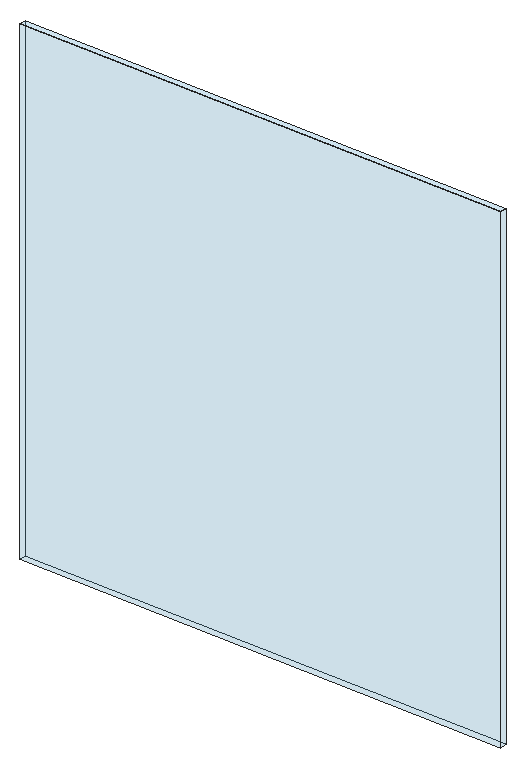
Revit family
Parameters (values of type "72" x 72"")
  Sealant = 0' - 0 3/8"
  Pocket Depth [instance] = 0' - 0 1/2"
  Head Height = Sill Height + Rough Height - Sealant  # 8' - 11 5/8"
  Depth [instance] = 0' - 6"
  Sill Height = 3' - 0"
  Rough Width = 6' - 0"
  Rough Height = 6' - 0"
  Model = "OPG25600"
  Material = ""
  Manufacturer = "Arcadia"
  Sightline = 0' - 2 7/8"
  Height = Rough Height - Sealant - Sealant  # 5' - 11 1/4"
  Wall Closure = (empty or 0)
  Width = Rough Width - Sealant - Sealant  # 5' - 11 1/4"
  Glass Thickness [instance] = 0' - 1"
  Offset to Inside Face of Glass [instance] = 0' - 4 5/16"
  Construction Type = "Aluminum"
  Center of Rough Opening [instance] = Rough Width / 2  # 3' - 0"
  Center of Glass [instance] = Glass Thickness / 2  # 0' - 0 1/2"
  Center Wall to Outside Face [instance] = 0' - 2 7/8"
  Assembly Code = ""
Reference planes (in)
  plane 1 "Center (Front/Back)": y = 0
  plane 2: z = 0
  plane 3 "Center (Left/Right)": x = 12
  plane 4 "Rough Opening Bottom": z = 36
  plane 5 "Rough Opening Top": z = 108
  plane 6 "Exterior Face": y = 2.25
  plane 7 "Frame Top": z = 105.125
  plane 8 "Frame Bottom": z = 38.875
  plane 9 "Rough Opening Left": x = -24
  plane 10 "Rough Opening Right": x = 48
  plane 11 "Frame Left": x = -21.125
  plane 12 "Frame Right": x = 45.125
  plane 13 "Exterior Glass Edge": y = 0.73644
  plane 14 "Interior Glass Edge": y = -0.26356
  plane 15 "Glass Centerline": y = 0.23644
  plane 16 "Frame Outside": y = 1.42394
  plane 17 "Frame Inside": y = -4.57606
  plane 18: z = 105.625
  plane 19: z = 38.375
  plane 20: x = 45.625
  plane 21: x = -21.625
  plane 22: x = 47.625
  plane 23: x = -23.625
  plane 24: z = 36.375
  plane 25: z = 107.625
Forms (in)
  Extrusion 1, solid, material "Anodize Arcadia AC2 Clear #11", detail levels coarse
    sketch origin (0, 0, 36) x (0, -1, 0) y (1, 0, 0)
      loop
        line (-1.42394, -24) -> (4.57606, -24) -> (4.57606, -21.125) -> (0.26356, -21.125) -> (0.26356, -21.625) -> (-0.73644, -21.625) -> (-0.73644, -21.125) -> (-1.42394, -21.125) -> (-1.42394, -24)
    from 0 to 72 <- "Rough Height"
  Extrusion 2, solid, material "Anodize Arcadia AC2 Clear #11", detail levels coarse
    sketch origin (0, 0, 36) x (0, -1, 0) y (1, 0, 0)
      loop
        line (-1.42394, 45.125) -> (-0.73644, 45.125) -> (-0.73644, 45.625) -> (0.26356, 45.625) -> (0.26356, 45.125) -> (4.57606, 45.125) -> (4.57606, 48) -> (-1.42394, 48) -> (-1.42394, 45.125)
    from 0 to 72 <- "Rough Height"
  Extrusion 3, solid, material "Glass"
    sketch origin (-0.5, 0, 36) x (0, -1, 0) y (1, 0, 0)
      loop
        line (-0.73644, -21.125) -> (0.26356, -21.125) -> (0.26356, 46.125) -> (-0.73644, 46.125) -> (-0.73644, -21.125)
    from 2.375 to 69.625
  Extrusion 4, solid, material "Anodize Arcadia AC2 Clear #11", detail levels coarse
    sketch origin (-24, 0, 0) x (0, 1, 0) y (0, 0, 1)
      loop
        line (-4.57606, 108) -> (-4.57606, 105.125) -> (-0.26356, 105.125) -> (-0.26356, 105.625) -> (0.73644, 105.625) -> (0.73644, 105.125) -> (1.42394, 105.125) -> (1.42394, 108) -> (-4.57606, 108)
    from 0 to 72 <- "Rough Width"
  Extrusion 5, solid, material "Anodize Arcadia AC2 Clear #11", detail levels coarse
    sketch origin (-24, 0, 0) x (0, 1, 0) y (0, 0, 1)
      loop
        line (1.42394, 38.875) -> (0.73644, 38.875) -> (0.73644, 38.375) -> (-0.26356, 38.375) -> (-0.26356, 38.875) -> (-4.57606, 38.875) -> (-4.57606, 36) -> (1.42394, 36) -> (1.42394, 38.875)
    from 0 to 72 <- "Rough Width"
  Extrusion 6, void
    sketch origin (0, 0, 36) x (0, -1, 0) y (1, 0, 0)
      loop
        line (-2.25, -24) -> (5.75, -24) -> (5.75, 48) -> (-2.25, 48) -> (-2.25, -24)
    from 0 to 72 <- "Rough Height"
Lines and regions (in)
  symbolic lines, detail levels coarse
    curve 1: line (-24, 1.42394, 0) -> (-21.125, 1.42394, 0)
    curve 2: line (-21.125, 1.42394, 0) -> (-21.125, 0.73644, 0)
    curve 3: line (45.625, 0.73644, 0) -> (-21.625, 0.73644, 0)
    curve 4: line (-21.625, 0.73644, 0) -> (-21.625, -0.26356, 0)
    curve 5: line (-21.625, -0.26356, 0) -> (45.625, -0.26356, 0)
    curve 6: line (-21.125, -0.26356, 0) -> (-21.125, -4.57606, 0)
    curve 7: line (-21.125, -4.57606, 0) -> (-24, -4.57606, 0)
    curve 8: line (-24, -4.57606, 0) -> (-24, 1.42394, 0)
    curve 9: line (48, 1.42394, 0) -> (45.125, 1.42394, 0)
    curve 10: line (45.125, 1.42394, 0) -> (45.125, 0.73644, 0)
    curve 11: line (45.625, 0.73644, 0) -> (45.625, -0.26356, 0)
    curve 12: line (45.125, -0.26356, 0) -> (45.125, -4.57606, 0)
    curve 13: line (45.125, -4.57606, 0) -> (48, -4.57606, 0)
    curve 14: line (48, -4.57606, 0) -> (48, 1.42394, 0)
Text (in)
  text "EXTERIOR" at (-58.6888, 50.90694, 0), in view "Ref. Level"
  text "INTERIOR" at (-58.6888, -37.76638, 0), in view "Ref. Level"
  text "Exterior" at (0, 43.65631, 123.19604), in view "Left"
  text "Exterior" at (0, 18.29385, 125.04747), in view "Right"
Dimensions and locks (in)
  "Rough Height": plane 4 "Rough Opening Bottom" to plane 5 "Rough Opening Top"
  "Sill Height": plane 2 to plane 4 "Rough Opening Bottom"
  "Sightline": plane 7 "Frame Top" to plane 5 "Rough Opening Top"
  "Sightline": plane 4 "Rough Opening Bottom" to plane 8 "Frame Bottom"
  "Rough Width": plane 9 "Rough Opening Left" to plane 10 "Rough Opening Right"
  "Sightline": plane 9 "Rough Opening Left" to plane 11 "Frame Left"
  "Sightline": plane 12 "Frame Right" to plane 10 "Rough Opening Right"
  "Depth": plane 17 "Frame Inside" to plane 16 "Frame Outside"
  "Glass Thickness": plane 13 "Exterior Glass Edge" to plane 14 "Interior Glass Edge"
  "Center of Glass": plane 15 "Glass Centerline" to plane 14 "Interior Glass Edge"
  "Center of Rough Opening": plane 9 "Rough Opening Left" to plane 3 "Center (Left/Right)"
  "Offset to Inside Face of Glass": plane 17 "Frame Inside" to plane 14 "Interior Glass Edge"
  "Pocket Depth": plane 12 "Frame Right" to plane 20
  "Pocket Depth": plane 21 to plane 11 "Frame Left"
  "Pocket Depth": plane 7 "Frame Top" to plane 18
  "Pocket Depth": plane 19 to plane 8 "Frame Bottom"
  "Sealant": plane 22 to plane 10 "Rough Opening Right"
  "Sealant": plane 9 "Rough Opening Left" to plane 23
  "Sealant": plane 4 "Rough Opening Bottom" to plane 24
  "Sealant": plane 25 to plane 5 "Rough Opening Top"
  aligned and locked: plane 6 "Exterior Face" to host wall
  aligned and locked: Extrusion 1 sketch curve to plane 17 "Frame Inside"
  aligned and locked: plane 16 "Frame Outside" to Extrusion 1 sketch curve
  aligned and locked: Extrusion 1 sketch curve to plane 11 "Frame Left"
  aligned and locked: plane 9 "Rough Opening Left" to Extrusion 1 sketch curve
  aligned and locked: plane 12 "Frame Right" to Extrusion 2 sketch curve
  aligned and locked: Extrusion 2 sketch curve to plane 10 "Rough Opening Right"
  aligned and locked: Extrusion 2 sketch curve to plane 17 "Frame Inside"
  aligned and locked: plane 16 "Frame Outside" to Extrusion 2 sketch curve
  aligned and locked: Extrusion 3 sketch curve to plane 13 "Exterior Glass Edge"
  aligned and locked: plane 14 "Interior Glass Edge" to Extrusion 3 sketch curve
  aligned and locked: plane 5 "Rough Opening Top" to Extrusion 4 sketch curve
  aligned and locked: Extrusion 4 sketch curve to plane 7 "Frame Top"
  aligned and locked: Extrusion 4 sketch curve to plane 17 "Frame Inside"
  aligned and locked: plane 16 "Frame Outside" to Extrusion 4 sketch curve
  aligned and locked: Extrusion 5 sketch curve to plane 4 "Rough Opening Bottom"
  aligned and locked: plane 8 "Frame Bottom" to Extrusion 5 sketch curve
  aligned and locked: Extrusion 5 sketch curve to plane 17 "Frame Inside"
  aligned and locked: plane 16 "Frame Outside" to Extrusion 5 sketch curve
  aligned and locked: plane 4 "Rough Opening Bottom" to nested 3
  aligned and locked: nested 2 to plane 5 "Rough Opening Top"
  aligned and locked: plane 19 to Extrusion 3
  aligned and locked: Extrusion 3 to plane 18
  aligned and locked: plane 17 "Frame Inside" to nested 3
  aligned and locked: nested 1 to plane 16 "Frame Outside"
  aligned and locked: plane 10 "Rough Opening Right" to nested 1
  aligned and locked: nested 4 to plane 9 "Rough Opening Left"
  aligned and locked: plane 17 "Frame Inside" to nested 4
  aligned and locked: plane 13 "Exterior Glass Edge" to Extrusion 5 sketch curve
  aligned and locked: Extrusion 5 sketch curve to plane 14 "Interior Glass Edge"
  aligned and locked: plane 19 to Extrusion 5 sketch curve
  aligned and locked: Extrusion 4 sketch curve to plane 13 "Exterior Glass Edge"
  aligned and locked: plane 18 to Extrusion 4 sketch curve
  aligned and locked: plane 14 "Interior Glass Edge" to Extrusion 4 sketch curve
  aligned and locked: plane 14 "Interior Glass Edge" to Extrusion 2 sketch curve
  aligned and locked: Extrusion 2 sketch curve to plane 20
  aligned and locked: Extrusion 2 sketch curve to plane 13 "Exterior Glass Edge"
  aligned and locked: Extrusion 1 sketch curve to plane 14 "Interior Glass Edge"
  aligned and locked: Extrusion 1 sketch curve to plane 21
  aligned and locked: plane 13 "Exterior Glass Edge" to Extrusion 1 sketch curve
  aligned and locked: plane 16 "Frame Outside" to curve 1
  aligned and locked: plane 9 "Rough Opening Left" to curve 8
  aligned and locked: curve 2 to plane 11 "Frame Left"
  aligned and locked: curve 6 to plane 11 "Frame Left"
  aligned and locked: curve 4 to plane 21
  aligned and locked: curve 7 to plane 17 "Frame Inside"
  aligned and locked: curve 5 to plane 14 "Interior Glass Edge"
  aligned and locked: plane 13 "Exterior Glass Edge" to curve 3
  aligned and locked: curve 10 to plane 12 "Frame Right"
  aligned and locked: curve 12 to plane 12 "Frame Right"
  aligned and locked: curve 11 to plane 20
  aligned and locked: plane 10 "Rough Opening Right" to curve 14
  aligned and locked: curve 9 to plane 16 "Frame Outside"
  aligned and locked: plane 17 "Frame Inside" to curve 13
  aligned and locked: nested 2 to plane 16 "Frame Outside"
  aligned and locked: plane 9 "Rough Opening Left" to import instance
  aligned and locked: import instance to plane 16 "Frame Outside"  (x2)
  aligned and locked: plane 16 "Frame Outside" to import instance  (x2)
  aligned and locked: import instance to plane 10 "Rough Opening Right"
  aligned and locked: plane 5 "Rough Opening Top" to import instance
  aligned and locked: import instance to plane 4 "Rough Opening Bottom"
  aligned and locked: level to plane 2
  aligned and locked: plane 9 "Rough Opening Left" to Extrusion 6 sketch curve
  aligned and locked: plane 6 "Exterior Face" to Extrusion 6 sketch curve
  aligned and locked: host wall to Extrusion 6 sketch curve
  aligned and locked: plane 10 "Rough Opening Right" to Extrusion 6 sketch curve
Automatic sketch dimensions
  Extrusion 3 sketch curve to plane 21 = 0' - 0"
  Extrusion 3 sketch curve to plane 20 = 0' - 0"
  Extrusion 5 sketch curve to plane 8 "Frame Bottom" = 0' - 0"
  Extrusion 4 sketch curve to plane 7 "Frame Top" = 0' - 0"
  Extrusion 2 sketch curve to plane 12 "Frame Right" = 0' - 0"
  Extrusion 1 sketch curve to plane 11 "Frame Left" = 0' - 0"
Nested families (in)
  nested 1: "Window-Arcadia-OPG25600-Med-Jamb-R" at (46.9375, 0.23644, 0) x (-1, 0, 0) z (0, 0, 1), type "Window-Arcadia-OPG25600-Med-Jamb-R", detail levels medium
    with Sightline 0' - 2 7/8", Pocket Depth 0' - 0 1/2", Offset to Inside Face of Glass 0' - 4 5/16", Glass Width 0' - 1", Frame Wall Thickness 0' - 0 3/32", Depth 0' - 6", Center of Glass 0' - 0 1/2"
  nested 2: "Window-Arcadia-OPG25600-Med-Head" at (33.875, 0.23644, 108) x (0, -1, 0) z (1, 0, 0), type "Window-Arcadia-OPG25600-Med-Head", detail levels medium
    with Sightline 0' - 2 7/8", Pocket Depth 0' - 0 1/2", Offset to Inside Face of Glass 0' - 4 5/16", Glass Width 0' - 1", Frame Wall Thickness 0' - 0 3/32", Depth 0' - 6", Center of Glass 0' - 0 1/2"
  nested 3: "Window-Arcadia-OPG25600-Med-Sill" at (33.875, 0.23644, 36) x (0, -1, 0) z (1, 0, 0), type "Window-Arcadia-OPG25600-Med-Sill", detail levels medium
    with Sightline 0' - 2 7/8", Pocket Depth 0' - 0 1/2", Offset to Inside Face of Glass 0' - 4 5/16", Glass Width 0' - 1", Frame Wall Thickness 0' - 0 3/32", Depth 0' - 6", Center of Glass 0' - 0 1/2"
  nested 4: "Window-Arcadia-OPG25600-Med-Jamb-L" at (-22.9375, 0.23644, 0) x (-1, 0, 0) z (0, 0, 1), type "Window-Arcadia-OPG25600-Med-Jamb-L", detail levels medium
    with Sightline 0' - 2 7/8", Pocket Depth 0' - 0 1/2", Offset to Inside Face of Glass 0' - 4 5/16", Glass Width 0' - 1", Frame Wall Thickness 0' - 0 3/32", Depth 0' - 6", Center of Glass 0' - 0 1/2"
Definition of nested family "Window-Arcadia-OPG25600-Med-Jamb-R"
  Parameters (values of type "Window-Arcadia-TC670-Med-Jamb-R")
    Depth [instance] = 0' - 6"
    Pocket Depth [instance] = 0' - 0 3/4"
    Offset to Inside Face of Glass [instance] = 0' - 4"
    Glass Width [instance] = 0' - 1"
    Sightline [instance] = 0' - 2 5/8"
    Center of Glass [instance] = Glass Width / 2  # 0' - 0 1/2"
    Frame Wall Thickness [instance] = 0' - 0 3/32"
    Assembly Code = ""
  Reference planes (in)
    plane 1 "Center (Front/Back)": y = 0
    plane 2: z = 0
    plane 3: x = 1.5625
    plane 4 "back": x = -1.0625
    plane 5: y = 4.5
    plane 6: y = -1.5
    plane 7 "Inside Face of Glass": y = 0.5
    plane 8: y = -0.5
    plane 9: x = 0.8125
  Lines and regions (in)
    detail lines, in view "Ref. Level", detail levels medium
      curve 1: line (-1.0625, 4.5, 0) -> (-1.0625, -1.5, 0)
      curve 2: line (-1.0625, -1.5, 0) -> (1.5625, -1.5, 0)
      curve 3: line (1.5625, -1.5, 0) -> (1.5625, -0.5, 0)
      curve 4: line (1.5625, -0.5, 0) -> (0.8125, -0.5, 0)
      curve 5: line (0.8125, -0.5, 0) -> (0.8125, 0.5, 0)
      curve 6: line (0.8125, 0.5, 0) -> (1.5625, 0.5, 0)
      curve 7: line (1.5625, 0.5, 0) -> (1.5625, 4.5, 0)
      curve 8: line (1.5625, 4.5, 0) -> (-1.0625, 4.5, 0)
      curve 9: line (1.46875, 4.40625, 0) -> (-0.96875, 4.40625, 0)
      curve 10: line (-0.96875, 4.40625, 0) -> (-0.96875, -1.40625, 0)
      curve 11: line (-0.96875, -1.40625, 0) -> (1.46875, -1.40625, 0)
      curve 12: line (1.46875, -1.40625, 0) -> (1.46875, -0.59375, 0)
      curve 13: line (1.46875, -0.59375, 0) -> (0.71875, -0.59375, 0)
      curve 14: line (0.71875, -0.59375, 0) -> (0.71875, 0.59375, 0)
      curve 15: line (0.71875, 0.59375, 0) -> (1.46875, 0.59375, 0)
      curve 16: line (1.46875, 0.59375, 0) -> (1.46875, 4.40625, 0)
      curve 17: line (1.5625, 4.5, 0) -> (-1.0625, 4.5, 0)
      curve 18: line (-1.0625, 4.40625, 0) -> (-1.0625, -1.5, 0)
  Dimensions and locks (in)
    "Sightline": plane 4 "back" to plane 3
    "Depth": plane 5 to plane 6
    "Center of Glass": plane 1 "Center (Front/Back)" to plane 7 "Inside Face of Glass"
    "Glass Width": plane 8 to plane 7 "Inside Face of Glass"
    "Pocket Depth": plane 9 to plane 3
    "Offset to Inside Face of Glass": plane 5 to plane 7 "Inside Face of Glass"
    "Frame Wall Thickness": plane 5 to curve 9
    "Frame Wall Thickness": plane 4 "back" to curve 10
    "Frame Wall Thickness": curve 11 to plane 6
    "Frame Wall Thickness": curve 12 to plane 3
    "Frame Wall Thickness": curve 13 to plane 8
    "Frame Wall Thickness": plane 7 "Inside Face of Glass" to curve 15
    "Frame Wall Thickness": curve 14 to plane 9
    "Frame Wall Thickness": curve 16 to plane 3
    aligned and locked: plane 5 to curve 8
    aligned and locked: curve 1 to plane 4 "back"
    aligned and locked: curve 2 to plane 6
    aligned and locked: plane 3 to curve 3
    aligned and locked: curve 4 to plane 8
    aligned and locked: plane 9 to curve 5
    aligned and locked: plane 7 "Inside Face of Glass" to curve 6
    aligned and locked: plane 3 to curve 7
  Automatic sketch dimensions
    curve 18 to curve 9 = 0' - 0"
Definition of nested family "Window-Arcadia-OPG25600-Med-Head"
  Parameters (values of type "Window-Arcadia-A400-Med-Head")
    Depth [instance] = 0' - 6"
    Pocket Depth [instance] = 0' - 0 1/2"
    Offset to Inside Face of Glass [instance] = 0' - 4"
    Glass Width [instance] = 0' - 1"
    Sightline [instance] = 0' - 2 5/8"
    Center of Glass [instance] = Glass Width / 2  # 0' - 0 1/2"
    Frame Wall Thickness [instance] = 0' - 0 3/32"
    Assembly Code = ""
  Reference planes (in)
    plane 1 "Center (Front/Back)": y = 0
    plane 2: z = 0
    plane 3 "Center (Left/Right)": x = 0
    plane 4: x = -0.5
    plane 5 "Inside Face of Glass": x = 0.5
    plane 6: y = -2.625
    plane 7: x = 4.5
    plane 8: x = -1.5
    plane 9: y = -2.125
  Lines and regions (in)
    detail lines, in view "Ref. Level", detail levels medium
      curve 1: line (-1.5, 0, 0) -> (-1.5, -2.625, 0)
      curve 2: line (-1.5, -2.625, 0) -> (-0.5, -2.625, 0)
      curve 3: line (-0.5, -2.625, 0) -> (-0.5, -2.125, 0)
      curve 4: line (-0.5, -2.125, 0) -> (0.5, -2.125, 0)
      curve 5: line (0.5, -2.125, 0) -> (0.5, -2.625, 0)
      curve 6: line (0.5, -2.625, 0) -> (4.5, -2.625, 0)
      curve 7: line (4.5, -2.625, 0) -> (4.5, 0, 0)
      curve 8: line (4.5, 0, 0) -> (-1.5, 0, 0)
      curve 9: line (-1.40625, -0.09375, 0) -> (-1.40625, -2.53125, 0)
      curve 10: line (4.40625, -0.09375, 0) -> (-1.40625, -0.09375, 0)
      curve 11: line (4.40625, -2.53125, 0) -> (4.40625, -0.09375, 0)
      curve 12: line (0.59375, -2.53125, 0) -> (4.40625, -2.53125, 0)
      curve 13: line (-1.40625, -2.53125, 0) -> (-0.59375, -2.53125, 0)
      curve 14: line (-0.59375, -2.53125, 0) -> (-0.59375, -2.03125, 0)
      curve 15: line (-0.59375, -2.03125, 0) -> (0.59375, -2.03125, 0)
      curve 16: line (0.59375, -2.03125, 0) -> (0.59375, -2.53125, 0)
  Dimensions and locks (in)
    "Sightline": plane 6 to plane 1 "Center (Front/Back)"
    "Depth": plane 8 to plane 7
    "Pocket Depth": plane 6 to plane 9
    "Offset to Inside Face of Glass": plane 5 "Inside Face of Glass" to plane 7
    "Glass Width": plane 4 to plane 5 "Inside Face of Glass"
    "Center of Glass": plane 3 "Center (Left/Right)" to plane 5 "Inside Face of Glass"
    "Frame Wall Thickness": plane 8 to curve 9
    "Frame Wall Thickness": curve 10 to plane 1 "Center (Front/Back)"
    "Frame Wall Thickness": curve 11 to plane 7
    "Frame Wall Thickness": plane 6 to curve 12
    "Frame Wall Thickness": plane 6 to curve 13
    "Frame Wall Thickness": plane 9 to curve 15
    "Frame Wall Thickness": plane 5 "Inside Face of Glass" to curve 16
    "Frame Wall Thickness": curve 14 to plane 4
    aligned and locked: curve 8 to plane 1 "Center (Front/Back)"
    aligned and locked: plane 7 to curve 7
    aligned and locked: curve 1 to plane 8
    aligned and locked: plane 9 to curve 4
    aligned and locked: plane 4 to curve 3
    aligned and locked: plane 6 to curve 2
    aligned and locked: plane 6 to curve 6
  Automatic sketch dimensions
    curve 5 to plane 5 "Inside Face of Glass" = 0' - 0"
Definition of nested family "Window-Arcadia-OPG25600-Med-Sill"
  Parameters (values of type "Window-Arcadia-A400-Med-Sill")
    Depth [instance] = 0' - 6"
    Pocket Depth [instance] = 0' - 0 1/2"
    Offset to Inside Face of Glass [instance] = 0' - 4"
    Glass Width [instance] = 0' - 1"
    Sightline [instance] = 0' - 2 5/8"
    Center of Glass [instance] = Glass Width / 2  # 0' - 0 1/2"
    Frame Wall Thickness [instance] = 0' - 0 3/32"
    Assembly Code = ""
  Reference planes (in)
    plane 1 "Center (Front/Back)": y = 0
    plane 2: z = 0
    plane 3 "Center (Left/Right)": x = 0
    plane 4: x = -0.5
    plane 5 "Inside Face of Glass": x = 0.5
    plane 6: y = 2.625
    plane 7: x = 4.5
    plane 8: x = -1.5
    plane 9: y = 2.125
  Lines and regions (in)
    detail lines, in view "Ref. Level", detail levels medium
      curve 1: line (-1.5, 2.625, 0) -> (-1.5, 0, 0)
      curve 2: line (-1.5, 0, 0) -> (4.5, 0, 0)
      curve 3: line (4.5, 0, 0) -> (4.5, 2.625, 0)
      curve 4: line (4.5, 2.625, 0) -> (0.5, 2.625, 0)
      curve 5: line (0.5, 2.625, 0) -> (0.5, 2.125, 0)
      curve 6: line (0.5, 2.125, 0) -> (-0.5, 2.125, 0)
      curve 7: line (-0.5, 2.125, 0) -> (-0.5, 2.625, 0)
      curve 8: line (-0.5, 2.625, 0) -> (-1.5, 2.625, 0)
      curve 9: line (-0.59375, 2.53125, 0) -> (-1.40625, 2.53125, 0)
      curve 10: line (-1.40625, 2.53125, 0) -> (-1.40625, 0.09375, 0)
      curve 11: line (-1.40625, 0.09375, 0) -> (4.40625, 0.09375, 0)
      curve 12: line (4.40625, 0.09375, 0) -> (4.40625, 2.53125, 0)
      curve 13: line (4.40625, 2.53125, 0) -> (0.59375, 2.53125, 0)
      curve 14: line (0.59375, 2.53125, 0) -> (0.59375, 2.03125, 0)
      curve 15: line (0.59375, 2.03125, 0) -> (-0.59375, 2.03125, 0)
      curve 16: line (-0.59375, 2.03125, 0) -> (-0.59375, 2.53125, 0)
  Dimensions and locks (in)
    "Pocket Depth": plane 9 to plane 6
    "Sightline": plane 1 "Center (Front/Back)" to plane 6
    "Depth": plane 8 to plane 7
    "Offset to Inside Face of Glass": plane 5 "Inside Face of Glass" to plane 7
    "Glass Width": plane 4 to plane 5 "Inside Face of Glass"
    "Center of Glass": plane 3 "Center (Left/Right)" to plane 5 "Inside Face of Glass"
    "Frame Wall Thickness": curve 9 to plane 6
    "Frame Wall Thickness": plane 8 to curve 10
    "Frame Wall Thickness": plane 1 "Center (Front/Back)" to curve 11
    "Frame Wall Thickness": curve 12 to plane 7
    "Frame Wall Thickness": curve 13 to plane 6
    "Frame Wall Thickness": plane 5 "Inside Face of Glass" to curve 14
    "Frame Wall Thickness": curve 15 to plane 9
    "Frame Wall Thickness": curve 16 to plane 4
    aligned and locked: plane 1 "Center (Front/Back)" to curve 2
    aligned and locked: plane 7 to curve 3
    aligned and locked: curve 1 to plane 8
    aligned and locked: curve 8 to plane 6
    aligned and locked: curve 4 to plane 6
    aligned and locked: curve 6 to plane 9
    aligned and locked: curve 5 to plane 5 "Inside Face of Glass"
    aligned and locked: plane 4 to curve 7
  Automatic sketch dimensions
    curve 7 to plane 9 = 0' - 0"
Definition of nested family "Window-Arcadia-OPG25600-Med-Jamb-L"
  Parameters (values of type "Window-Arcadia-TC670-Med-Jamb-L")
    Depth [instance] = 0' - 6"
    Pocket Depth [instance] = 0' - 0 1/2"
    Offset to Inside Face of Glass [instance] = 0' - 4"
    Glass Width [instance] = 0' - 1"
    Sightline [instance] = 0' - 2 1/8"
    Center of Glass [instance] = Glass Width / 2  # 0' - 0 1/2"
    Frame Wall Thickness [instance] = 0' - 0 3/32"
    Assembly Code = ""
  Reference planes (in)
    plane 1 "Center (Front/Back)": y = 0
    plane 2: z = 0
    plane 3 "BACK": x = 1.0625
    plane 4 "FRONT": x = -1.0625
    plane 5: y = 1.5
    plane 6: y = -4.5
    plane 7 "Inside Face of Glass": y = 0.5
    plane 8: y = -0.5
    plane 9: x = -0.5625
  Lines and regions (in)
    detail lines, in view "Ref. Level", detail levels medium
      curve 1: line (1.0625, 1.5, 0) -> (1.0625, -4.5, 0)
      curve 2: line (1.0625, -4.5, 0) -> (-1.0625, -4.5, 0)
      curve 3: line (-1.0625, -4.5, 0) -> (-1.0625, -0.5, 0)
      curve 4: line (-1.0625, -0.5, 0) -> (-0.5625, -0.5, 0)
      curve 5: line (-0.5625, -0.5, 0) -> (-0.5625, 0.5, 0)
      curve 6: line (-0.5625, 0.5, 0) -> (-1.0625, 0.5, 0)
      curve 7: line (-1.0625, 0.5, 0) -> (-1.0625, 1.5, 0)
      curve 8: line (-1.0625, 1.5, 0) -> (1.0625, 1.5, 0)
      curve 9: line (-0.96875, 1.40625, 0) -> (0.96875, 1.40625, 0)
      curve 10: line (-0.96875, 0.59375, 0) -> (-0.96875, 1.40625, 0)
      curve 11: line (-0.46875, 0.59375, 0) -> (-0.96875, 0.59375, 0)
      curve 12: line (-0.46875, -0.59375, 0) -> (-0.46875, 0.59375, 0)
      curve 13: line (-0.96875, -0.59375, 0) -> (-0.46875, -0.59375, 0)
      curve 14: line (-0.96875, -4.40625, 0) -> (-0.96875, -0.59375, 0)
      curve 15: line (0.96875, -4.40625, 0) -> (-0.96875, -4.40625, 0)
      curve 16: line (0.96875, 1.40625, 0) -> (0.96875, -4.40625, 0)
  Dimensions and locks (in)
    "Depth": plane 5 to plane 6
    "Pocket Depth": plane 4 "FRONT" to plane 9
    "Sightline": plane 4 "FRONT" to plane 3 "BACK"
    "Glass Width": plane 8 to plane 7 "Inside Face of Glass"
    "Center of Glass": plane 1 "Center (Front/Back)" to plane 7 "Inside Face of Glass"
    "Frame Wall Thickness": plane 4 "FRONT" to curve 10
    "Frame Wall Thickness": plane 5 to curve 9
    "Frame Wall Thickness": curve 15 to plane 6
    "Frame Wall Thickness": curve 13 to plane 8
    "Frame Wall Thickness": plane 9 to curve 12
    "Frame Wall Thickness": plane 7 "Inside Face of Glass" to curve 11
    "Frame Wall Thickness": plane 4 "FRONT" to curve 14
    "Offset to Inside Face of Glass": plane 6 to plane 8
    aligned and locked: curve 8 to plane 5
    aligned and locked: curve 1 to plane 3 "BACK"
    aligned and locked: plane 6 to curve 2
    aligned and locked: curve 3 to plane 4 "FRONT"
    aligned and locked: plane 8 to curve 4
    aligned and locked: plane 9 to curve 5
    aligned and locked: curve 6 to plane 7 "Inside Face of Glass"
    aligned and locked: plane 4 "FRONT" to curve 7
  Automatic sketch dimensions
    curve 16 to plane 3 "BACK" = 0' - 0 3/32"
